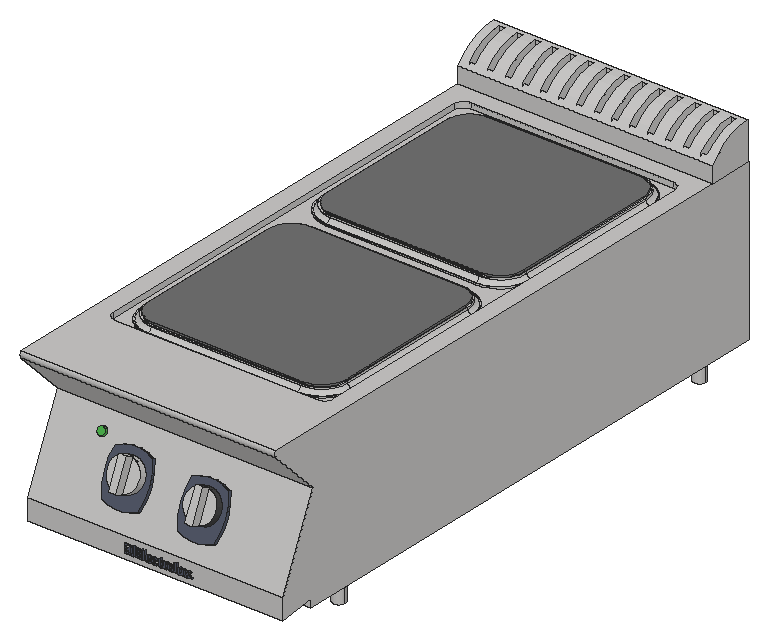
Revit family "QF_ELECTROLUXPROFESSIONAL_391180_E9ECMD2Q05", category Specialty Equipment, Revit 2018 (continued)
Automatic sketch dimensions
  Extrusion 25 sketch curve to Extrusion 25 sketch curve = 2.046 mm  (x2)
  Extrusion 25 sketch curve to Extrusion 25 sketch curve = 1.241 mm
  Extrusion 25 sketch curve to Extrusion 25 sketch curve = 1.689 mm
  Extrusion 25 sketch curve to Extrusion 25 sketch curve = 2.859 mm
  Extrusion 25 sketch curve to Extrusion 25 sketch curve = 0.627 mm
  Extrusion 25 sketch curve to Extrusion 25 sketch curve = 0.863 mm
  Extrusion 25 sketch curve to Extrusion 25 sketch curve = 0.419 mm
  Extrusion 25 sketch curve to Extrusion 25 sketch curve = 1.514 mm
  Extrusion 25 sketch curve to Extrusion 25 sketch curve = 1.019 mm
  Extrusion 25 sketch curve to Extrusion 25 sketch curve = 0.065 mm
  Extrusion 25 sketch curve to Extrusion 25 sketch curve = 1.215 mm
  Extrusion 25 sketch curve to Extrusion 25 sketch curve = 2.708 mm
  Extrusion 25 sketch curve to Extrusion 25 sketch curve = 1.122 mm
  Extrusion 25 sketch curve to Extrusion 25 sketch curve = 1.153 mm
  Extrusion 25 sketch curve to Extrusion 25 sketch curve = 3.009 mm
  Extrusion 25 sketch curve to Extrusion 25 sketch curve = 0.829 mm  (x2)
  Extrusion 25 sketch curve to Extrusion 25 sketch curve = 0.934 mm
  Extrusion 25 sketch curve to Extrusion 25 sketch curve = 3.376 mm
  Extrusion 25 sketch curve to Extrusion 25 sketch curve = 0.222 mm
  Extrusion 25 sketch curve to Extrusion 25 sketch curve = 1.383 mm
  Extrusion 25 sketch curve to Extrusion 25 sketch curve = 1.556 mm
  Extrusion 25 sketch curve to Extrusion 25 sketch curve = 2.559 mm
  Extrusion 25 sketch curve to Extrusion 25 sketch curve = 2.51 mm
  Extrusion 25 sketch curve to Extrusion 25 sketch curve = 0.131 mm
  Extrusion 25 sketch curve to Extrusion 25 sketch curve = 1.717 mm
  Extrusion 25 sketch curve to Extrusion 25 sketch curve = 1.134 mm
  Extrusion 25 sketch curve to Extrusion 25 sketch curve = 0.366 mm
  Extrusion 25 sketch curve to Extrusion 25 sketch curve = 0.094 mm
  Extrusion 25 sketch curve to Extrusion 25 sketch curve = 1.584 mm
  Extrusion 25 sketch curve to Extrusion 25 sketch curve = 1.501 mm
  Extrusion 25 sketch curve to Extrusion 25 sketch curve = 0.27 mm
  Extrusion 25 sketch curve to Extrusion 25 sketch curve = 1.808 mm
  Extrusion 25 sketch curve to Extrusion 25 sketch curve = 0.643 mm
  Extrusion 25 sketch curve to Extrusion 25 sketch curve = 0.916 mm
  Extrusion 25 sketch curve to Extrusion 25 sketch curve = 0.352 mm
  Extrusion 25 sketch curve to Extrusion 25 sketch curve = 0.458 mm
  Extrusion 25 sketch curve to Extrusion 25 sketch curve = 1.282 mm
  Extrusion 25 sketch curve to Extrusion 25 sketch curve = 1.363 mm
  Extrusion 25 sketch curve to Extrusion 25 sketch curve = 0.685 mm
  Extrusion 25 sketch curve to Extrusion 25 sketch curve = 0.905 mm
  Extrusion 25 sketch curve to Extrusion 25 sketch curve = 2.865 mm
  Extrusion 25 sketch curve to Extrusion 25 sketch curve = 0.472 mm
  Extrusion 25 sketch curve to Extrusion 25 sketch curve = 0.101 mm
  Extrusion 25 sketch curve to Extrusion 25 sketch curve = 0.54 mm
  Extrusion 25 sketch curve to Extrusion 25 sketch curve = 0.02 mm
  Extrusion 25 sketch curve to Extrusion 25 sketch curve = 0.582 mm
  Extrusion 25 sketch curve to Extrusion 25 sketch curve = 0.166 mm
  Extrusion 25 sketch curve to Extrusion 25 sketch curve = 0.16 mm
  Extrusion 25 sketch curve to Extrusion 25 sketch curve = 2.781 mm
  Extrusion 25 sketch curve to Extrusion 25 sketch curve = 1.118 mm
  Extrusion 25 sketch curve to Extrusion 25 sketch curve = 0.613 mm
  Extrusion 25 sketch curve to Extrusion 25 sketch curve = 0.361 mm
  Extrusion 25 sketch curve to Extrusion 25 sketch curve = 0.897 mm
  Extrusion 25 sketch curve to Extrusion 25 sketch curve = 0.167 mm
  Extrusion 25 sketch curve to Extrusion 25 sketch curve = 0.292 mm
  Extrusion 25 sketch curve to Extrusion 25 sketch curve = 0.305 mm
  Extrusion 25 sketch curve to Extrusion 25 sketch curve = 1.557 mm
  Extrusion 25 sketch curve to Extrusion 25 sketch curve = 2.499 mm
  Extrusion 25 sketch curve to Extrusion 25 sketch curve = 3.062 mm
  Extrusion 25 sketch curve to Extrusion 25 sketch curve = 2.968 mm
  Extrusion 25 sketch curve to Extrusion 25 sketch curve = 5.044 mm
  Extrusion 25 sketch curve to Extrusion 25 sketch curve = 0.629 mm  (x2)
  Extrusion 25 sketch curve to Extrusion 25 sketch curve = 1.131 mm
  Extrusion 25 sketch curve to Extrusion 25 sketch curve = 0.137 mm
  Extrusion 25 sketch curve to Extrusion 25 sketch curve = 0.027 mm
  Extrusion 25 sketch curve to Extrusion 25 sketch curve = 2.235 mm
  Extrusion 1 sketch curve to plane 12 = 0 mm
  Extrusion 1 sketch curve to plane 9 "BASE" = 0 mm
  Extrusion 1 sketch curve to plane 1 "BACK" = 0 mm
  Extrusion 1 sketch curve to plane 5 "FRONT" = 1.799 mm
  plane 9 "BASE" to Extrusion 1 sketch curve = 12.7 mm
  Extrusion 1 sketch curve to plane 12 = 55.977 mm
  Extrusion 1 sketch curve to plane 12 = 58.961 mm
  plane 9 "BASE" to Extrusion 1 sketch curve = 6.789 mm
  Extrusion 1 sketch curve to Extrusion 1 sketch curve = 32.253 mm
  Extrusion 1 sketch curve to plane 10 "TOP A" = 83.191 mm
  Extrusion 1 sketch curve to plane 10 "TOP A" = 9.015 mm
  Extrusion 32 sketch curve to Extrusion 1 = 31.119 mm  (x2)
  Extrusion 32 sketch curve to Extrusion 1 = 33.619 mm  (x2)
  Extrusion 32 sketch curve to Extrusion 32 sketch curve = 12.3 mm  (x6)
  Extrusion 32 sketch curve to Extrusion 32 sketch curve = 34.925 mm  (x3)
  Extrusion 32 sketch curve to Extrusion 32 sketch curve = 2.5 mm
  Extrusion 32 sketch curve to Extrusion 32 sketch curve = 45.146 mm  (x2)
  Extrusion 1 to Extrusion 32 sketch curve = 89.526 mm
  Extrusion 32 sketch curve to Extrusion 32 sketch curve = 25.727 mm  (x2)
  Extrusion 32 sketch curve to Extrusion 32 sketch curve = 25.771 mm  (x2)
  Extrusion 32 sketch curve to Extrusion 32 sketch curve = 28.531 mm  (x2)
  Extrusion 32 sketch curve to Extrusion 32 sketch curve = 11.797 mm
  plane 10 "TOP A" to Extrusion 1 sketch curve = 0 mm
  Extrusion 1 sketch curve to plane 5 "FRONT" = 1.959 mm
  Extrusion 1 sketch curve to plane 10 "TOP A" = 4.587 mm
  plane 5 "FRONT" to curve 3 = 0 mm
  curve 5 to plane 4 "RIGHT" = 0 mm
  curve 69 to plane 4 "RIGHT" = 0 mm
  plane 1 "BACK" to curve 12 = 0 mm
  curve 12 to plane 4 "RIGHT" = 0 mm
  curve 69 to plane 3 "LEFT" = 0 mm
  curve 6 to plane 3 "LEFT" = 0 mm
  curve 4 to plane 3 "LEFT" = 0 mm
  curve 12 to plane 3 "LEFT" = 0 mm
  plane 5 "FRONT" to curve 1 = 0 mm
  plane 4 "RIGHT" to curve 3 = 100.019 mm
  curve 17 to plane 4 "RIGHT" = 13.453 mm
  curve 17 to curve 18 = 9.296 mm
  plane 1 "BACK" to curve 68 = 6.761 mm
  curve 19 to curve 68 = 18.693 mm
  curve 65 to curve 67 = 9.296 mm
  curve 66 to curve 61 = 18.693 mm
  curve 61 to curve 63 = 9.296 mm
  plane 1 "BACK" to curve 60 = 6.761 mm
  curve 63 to curve 60 = 18.693 mm
  curve 57 to curve 59 = 9.296 mm
  plane 1 "BACK" to curve 56 = 6.761 mm
  curve 59 to curve 56 = 18.693 mm
  curve 53 to curve 55 = 9.296 mm
  plane 1 "BACK" to curve 52 = 6.761 mm
  curve 55 to curve 52 = 18.693 mm
  curve 49 to curve 51 = 9.296 mm
  plane 1 "BACK" to curve 48 = 6.761 mm
  plane 7 "Center Y" to curve 48 = 18.642 mm
  curve 45 to curve 47 = 9.296 mm
  curve 41 to plane 7 "Center Y" = 9.346 mm
  curve 41 to curve 44 = 9.296 mm
  plane 1 "BACK" to curve 37 = 6.761 mm
  curve 43 to curve 37 = 18.693 mm
  curve 37 to curve 39 = 9.296 mm
  plane 1 "BACK" to curve 36 = 6.761 mm
  curve 39 to curve 36 = 18.693 mm
  curve 33 to curve 35 = 9.296 mm
  plane 1 "BACK" to curve 32 = 6.761 mm
  curve 35 to curve 32 = 18.693 mm
  curve 29 to curve 31 = 9.296 mm
  plane 1 "BACK" to curve 28 = 6.761 mm
  curve 31 to curve 28 = 18.693 mm
  curve 25 to curve 28 = 9.296 mm
  plane 1 "BACK" to curve 24 = 6.761 mm
  curve 27 to curve 24 = 18.693 mm
  curve 21 to curve 23 = 9.296 mm
  plane 1 "BACK" to curve 16 = 6.761 mm
  curve 23 to curve 16 = 18.693 mm
  curve 13 to curve 14 = 9.296 mm
  curve 1 to plane 3 "LEFT" = 100.019 mm
  curve 1 to plane 1 "BACK" = 100.019 mm
  plane 1 "BACK" to curve 61 = 6.761 mm
  plane 1 "BACK" to curve 17 = 6.761 mm
  plane 1 "BACK" to curve 44 = 6.761 mm
  plane 13 to curve 35 = 18.089 mm
  plane 13 to curve 37 = 18.089 mm
  plane 13 to curve 31 = 18.089 mm
  plane 13 to curve 41 = 18.089 mm
  plane 13 to curve 27 = 18.089 mm
  plane 13 to curve 45 = 18.089 mm
  plane 13 to curve 23 = 18.089 mm
  plane 13 to curve 49 = 18.089 mm
  plane 13 to curve 19 = 18.089 mm
  plane 13 to curve 53 = 18.089 mm
  plane 13 to curve 15 = 18.089 mm
  plane 13 to curve 57 = 18.089 mm
  plane 13 to curve 65 = 18.089 mm
  plane 13 to curve 61 = 18.089 mm
  plane 13 to curve 69 = 12.15 mm
  curve 4 to plane 13 = 116.623 mm
  curve 5 to plane 13 = 116.623 mm
  curve 4 to curve 6 = 69.85 mm
  curve 6 to curve 6 = 50.8 mm
  curve 4 to plane 5 "FRONT" = 0 mm
  curve 70 to plane 13 = 15.534 mm
  plane 3 "LEFT" to curve 70 = 42.5 mm
  curve 70 to curve 70 = 15 mm
  curve 8 to Extrusion 2 = 15 mm  (x2)
  curve 8 to Extrusion 2 = 0 mm
  curve 72 to plane 11 = 8.115 mm
  curve 72 to plane 4 "RIGHT" = 40.249 mm
  curve 71 to plane 13 = 15.534 mm
  curve 71 to plane 4 "RIGHT" = 40.249 mm
  curve 72 to curve 72 = 15 mm
  curve 71 to curve 71 = 15 mm
  curve 73 to plane 11 = 8.115 mm
  plane 3 "LEFT" to curve 73 = 42.5 mm
  curve 73 to curve 73 = 15 mm
  curve 11 to Extrusion 2 = 15 mm  (x2)
  Extrusion 2 to curve 11 = 0 mm
  curve 78 to plane 4 "RIGHT" = 41.275 mm
  curve 79 to curve 80 = 37 mm
  curve 79 to curve 78 = 37 mm
  plane 3 "LEFT" to curve 76 = 86.725 mm
  curve 74 to curve 70 = 44.225 mm
  curve 74 to curve 75 = 37 mm
  curve 81 to plane 13 = 35.419 mm
  plane 8 "Center X" to curve 75 = 75.581 mm
  curve 74 to curve 82 = 0 mm  (x2)
  curve 76 to curve 84 = 0 mm  (x2)
  curve 78 to curve 86 = 0 mm  (x2)
  curve 80 to curve 88 = 0 mm
  curve 86 to curve 79 = 3 mm
  curve 74 to curve 90 = 0 mm  (x2)
  curve 76 to curve 96 = 0 mm  (x2)
  curve 78 to curve 94 = 0 mm  (x2)
  curve 80 to curve 92 = 0 mm
  curve 93 to curve 87 = 6.35 mm
  curve 74 to curve 98 = 0 mm  (x2)
  curve 76 to curve 100 = 0 mm  (x2)
  curve 78 to curve 102 = 0 mm  (x2)
  curve 80 to curve 104 = 0 mm
  curve 103 to curve 93 = 1.714 mm
  curve 110 to plane 4 "RIGHT" = 30.211 mm
  curve 109 to plane 11 = 1.936 mm
  curve 72 to curve 109 = 38.026 mm
  plane 8 "Center X" to curve 112 = 8.064 mm
  curve 112 to curve 101 = 0 mm
  curve 113 to curve 100 = 0 mm
  curve 108 to plane 11 = 50 mm
  curve 108 to curve 73 = 44.225 mm
  curve 106 to curve 114 = 0 mm  (x2)
  curve 108 to curve 120 = 0 mm  (x2)
  curve 110 to curve 118 = 0 mm  (x2)
  curve 112 to curve 116 = 0 mm
  curve 111 to curve 117 = 1.714 mm
  curve 106 to curve 122 = 0 mm  (x2)
  curve 108 to curve 124 = 0 mm  (x2)
  curve 110 to curve 126 = 0 mm  (x2)
  curve 112 to curve 128 = 0 mm
  curve 128 to plane 8 "Center X" = 0 mm
  curve 106 to curve 130 = 0 mm  (x2)
  curve 108 to curve 132 = 0 mm  (x2)
  curve 110 to curve 134 = 0 mm  (x2)
  curve 112 to curve 136 = 0 mm
  curve 127 to curve 135 = 3 mm
  radius of Sweep 21 sketch curve to Extrusion 20 = 0 mm  (x2)
  radius of Sweep 22 sketch curve to Extrusion 20 = 0 mm  (x2)
  radius of Extrusion 23 sketch curve to Extrusion 20 = 3 mm  (x4)
  radius of Extrusion 3 sketch curve = 9.525 mm  (x4)
  radius of Extrusion 26 sketch curve = 25.4 mm
  radius of Extrusion 27 sketch curve to Extrusion 26 = 0 mm  (x2)
  radius of Extrusion 28 sketch curve = 25.4 mm
  radius of Extrusion 29 sketch curve to Extrusion 28 = 0 mm  (x2)
  radius of Extrusion 24 sketch curve = 6.35 mm
  radius of Extrusion 30 sketch curve = 12.7 mm
  radius of Extrusion 31 sketch curve = 12.7 mm
Connectors
  electrical at (339, -583, 11.3)
    settings: on Extrusion 31, index 1, voltage 230 V, apparent load 8000 VA, apparent load phase1 0 VA, apparent load phase2 0 VA, apparent load phase3 0 VA, power factor 1, load classification "Other", number of poles 1, system type 30, power factor state 1, is connector primary yes, connector utility no, sub classification motor no, connector description "ELECTRICAL CONNECTION"
